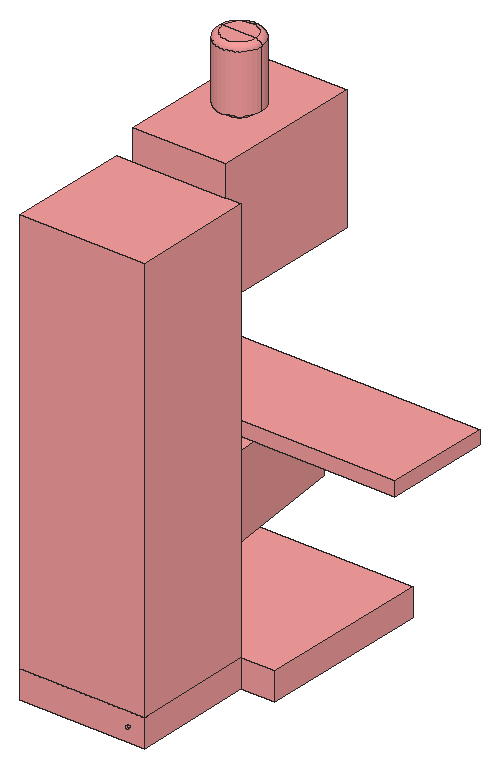
Revit family "Станок сверлильно-фрезерный", category Оборудование, Revit 2017
Family settings
  Размер круглого соединителя = Использовать диаметр
  Тип детали = Нормальный
  Номер OmniClass = 23.75.00.00
  Заголовок OmniClass = Climate Control (HVAC)
  На основе рабочей плоскости = Нет
  Всегда вертикально = Да
  При загрузке вырезать с полостями = Нет
  Общий = Нет
  Точка расчета площади = Нет
Parameters (values of type "СФ-32")
  Ширина = 1300 mm
  Число полюсов = 3
  Примечание ЭМ [instance] = ""
  Примечание КР [instance] = ""
  Примечание АР [instance] = ""
  Примечание = ""
  Обозначение = "СФ-32"
  Напряжение = 380 V
  Наименование = "Сверлильно-фрезерный станок"
  Мощность номинальная = 1500 W
  Масса = "1100"
  Код оборудования = ""
  Задание = "ЭМ"
  Завод = "ООО \"ПКФ \"ПРОМРЕСУРС\""
  Единицы = "шт."
  Глубина = 1060 mm
  Высота = 1930 mm
Reference planes
  plane 1 "По центру (Вперед/Назад)": y = 0
  plane 2: z = 0
  plane 3 "По центру (Влево/Вправо)": x = 0
  plane 4: y = 1060
  plane 5: x = 1300
  plane 6: z = 1930
  plane 7: z = 750
  plane 8: y = 984.546
  plane 9: y = 602.704
  plane 10: y = 437.863
  plane 11: x = 650
  plane 12: x = 303.439
  plane 13: x = 424.86
  plane 14: x = 537.43
  plane 15: x = 996.561
  plane 16: x = 875.14
  plane 17: x = 762.57
  plane 18: z = 100
  plane 19: z = 1570
  plane 20: x = 481.696
  plane 21: x = 818.304
  plane 22: z = 1680
  plane 23: y = 711.205
  plane 24: z = 50
Forms (mm)
  Extrusion 1, solid, material "Корпус АОУМ", detail levels fine
    sketch origin (-460, -1524, 750) x (-1, 0, 0) y (0, -1, 0)
      loop
        line (-460, -2508.546) -> (-460, -2126.704) -> (-1760, -2126.704) -> (-1760, -2508.546) -> (-460, -2508.546)
    from 0 to -50
  Extrusion 2, solid, material "Корпус АОУМ", detail levels fine
    sketch origin (-320, -1524, 100) x (-1, 0, 0) y (0, -1, 0)
      loop
        line (-623.439, -2584) -> (-623.439, -1961.863) -> (-744.86, -1961.863) -> (-744.86, -1524) -> (-1195.14, -1524) -> (-1195.14, -1961.863) -> (-1316.561, -1961.863) -> (-1316.561, -2584) -> (-623.439, -2584)
    from 0 to -100
  Extrusion 3, solid, material "Корпус АОУМ", detail levels fine
    sketch origin (0, 1433.035, 1930) x (0, 1, 0) y (-1, 0, 0)
      loop
        line (-995.171, -424.86) -> (-1433.035, -424.86) -> (-1433.035, -875.14) -> (-995.171, -875.14) -> (-995.171, -424.86)
    from -360 to -1830
  Blend 4, solid, material "Корпус АОУМ", detail levels fine
    base sketch origin (0, 984.546, 1200) x (-1, 0, 0) y (0, 0, 1)
      loop
        line (-537.43, -500) -> (-762.57, -500) -> (-736.423, -798.858) -> (-563.577, -798.858) -> (-537.43, -500)
    top sketch origin (0, 984.546, 1200) x (-1, 0, 0) y (0, 0, 1)
      loop
        line (-495, -500) -> (-805, -500) -> (-776.229, -828.858) -> (-523.771, -828.858) -> (-495, -500)
    from 0 to -546.683
  Extrusion 5, solid, material "Электродвигатель АОУМ", detail levels fine
    sketch origin (148.241, -1524, 1680) x (-1, 0, 0) y (0, -1, 0)
      loop
        line (-333.455, -2508.546) -> (-333.455, -1961.863) -> (-670.063, -1961.863) -> (-670.063, -2508.546) -> (-333.455, -2508.546)
    from 0 to -445.943
  Blend 6, solid, material "Пластик АОУМ", detail levels fine
    base sketch origin (148.241, -1524, 1680) x (-1, 0, 0) y (0, -1, 0)
      loop
        circle (-501.759, -2235.205) r 50
    top sketch origin (148.241, -1524, 1680) x (-1, 0, 0) y (0, -1, 0)
      loop
        circle (-501.759, -2235.205) r 80
    from 0 to 20
  Extrusion 7, solid, material "Пластик АОУМ", detail levels fine
    sketch origin (148.241, -1524, 1700) x (-1, 0, 0) y (0, -1, 0)
      loop
        circle (-501.759, -2235.205) r 80
    from 0 to 210
  Revolve 8, solid, material "Пластик АОУМ", detail levels fine
    sketch origin (144.753, 711.205, 1200) x (-1, 0, 0) y (0, 0, 1)
      loop
        line (-505.247, 730) -> (-505.247, 710) -> (-425.247, 710)
        arc (-425.247, 710) -> (-431.105, 724.142) -> (-445.247, 730) r 20
        line (-445.247, 730) -> (-505.247, 730)
      axis (-505.247, 730) -> (-505.247, 710)
    angle from 0 to 360
  Extrusion 9, solid, material "Пульт АОУМ", detail levels fine
    sketch origin (0, 0, 0) x (1, 0, 0) y (0, 0, 1)
      loop
        circle (818.304, 50) r 5
    from 0 to 5
Cuts and joins
  joined: Blend 6, Extrusion 7, Revolve 8
Lines and regions (mm)
  symbolic lines, detail levels coarse+medium
    curve 1: line (0, 984.546, 1910) -> (1300, 984.546, 1910)
    curve 2: line (0, 602.704, 1910) -> (0, 984.546, 1910)
    curve 3: line (1300, 602.704, 1910) -> (0, 602.704, 1910)
    curve 4: line (1300, 984.546, 1910) -> (1300, 602.704, 1910)
    curve 5: line (303.439, 1060, 1910) -> (996.561, 1060, 1910)
    curve 6: line (303.439, 984.546, 1910) -> (303.439, 1060, 1910)
    curve 7: line (996.561, 984.546, 1910) -> (303.439, 984.546, 1910)
    curve 8: line (996.561, 1060, 1910) -> (996.561, 984.546, 1910)
    curve 9: line (303.439, 602.704, 1910) -> (996.561, 602.704, 1910)
    curve 10: line (303.439, 437.863, 1910) -> (303.439, 602.704, 1910)
    curve 11: line (996.561, 437.863, 1910) -> (303.439, 437.863, 1910)
    curve 12: line (996.561, 602.704, 1910) -> (996.561, 437.863, 1910)
    curve 13: line (875.14, 0, 1910) -> (424.86, 0, 1910)
    curve 14: line (875.14, 437.863, 1910) -> (875.14, 0, 1910)
    curve 15: line (424.86, 437.863, 1910) -> (875.14, 437.863, 1910)
    curve 16: line (424.86, 0, 1910) -> (424.86, 437.863, 1910)
Dimensions and locks
  "Глубина": plane 1 "По центру (Вперед/Назад)" to plane 4
  "Ширина": plane 3 "По центру (Влево/Вправо)" to plane 5
  "Высота": plane 6 to level
  locked: plane 7 to level at 750
  equal spacing: plane 3 "По центру (Влево/Вправо)", plane 11, plane 5
  locked: plane 4 to plane 8 at 75.454
  locked: plane 4 to plane 9 at 457.296
  locked: plane 4 to plane 10 at 622.137
  equal spacing: plane 14, plane 11, plane 17
  equal spacing: plane 13, plane 11, plane 16
  equal spacing: plane 12, plane 11, plane 15
  locked: Extrusion 1 to Extrusion 1 at 50
  locked: plane 18 to level at 100
  equal spacing: Blend 4 sketch curve, plane 11, Blend 4 sketch curve  (x4)
  locked: Extrusion 1 to Blend 4 sketch curve at 328.858
  locked: Blend 4 sketch curve to Blend 4 sketch curve at 298.858
  equal spacing: plane 20, plane 11, plane 21
  locked: plane 6 to plane 19 at 360
  locked: plane 6 to plane 22 at 250
  locked: Extrusion 5 to Extrusion 5 at 445.943
  equal spacing: plane 8, plane 23, plane 10
  locked: Extrusion 7 to Extrusion 5 at 20
  locked: Extrusion 7 to Extrusion 7 at 210
  equal spacing: plane 18, plane 24, level
  locked: Extrusion 9 to Extrusion 3 at 5
  aligned and locked: level to plane 2
  aligned and locked: Extrusion 1 sketch curve to plane 8
  aligned and locked: plane 3 "По центру (Влево/Вправо)" to Extrusion 1 sketch curve
  aligned and locked: plane 9 to Extrusion 1 sketch curve
  aligned and locked: Extrusion 1 sketch curve to plane 5
  aligned and locked: plane 7 to Extrusion 1
  aligned and locked: Extrusion 2 sketch curve to plane 4
  aligned and locked: plane 12 to Extrusion 2 sketch curve
  aligned and locked: plane 10 to Extrusion 2 sketch curve
  aligned and locked: plane 15 to Extrusion 2 sketch curve
  aligned and locked: plane 13 to Extrusion 2 sketch curve
  aligned and locked: Extrusion 2 sketch curve to plane 1 "По центру (Вперед/Назад)"
  aligned and locked: plane 16 to Extrusion 2 sketch curve
  aligned and locked: Extrusion 2 to level
  aligned and locked: plane 18 to Extrusion 2
  aligned and locked: Extrusion 2 to Extrusion 3 sketch curve
  aligned and locked: Extrusion 3 sketch curve to Extrusion 2  (x3)
  aligned and locked: Extrusion 3 to plane 18
  aligned and locked: Extrusion 1 to Blend 4 sketch curve  (x2)
  aligned and locked: Blend 4 to plane 10
  aligned and locked: plane 19 to Extrusion 3
  aligned and locked: Extrusion 5 sketch curve to plane 8
  aligned and locked: plane 20 to Extrusion 5 sketch curve
  aligned and locked: plane 10 to Extrusion 5 sketch curve
  aligned and locked: plane 21 to Extrusion 5 sketch curve
  aligned and locked: plane 22 to Extrusion 5
  aligned and locked: Extrusion 7 to Revolve 8 sketch curve
  aligned and locked: Revolve 8 sketch curve to plane 11
  aligned and locked: plane 6 to Revolve 8 sketch curve
  aligned and locked: plane 11 to Revolve 8 sketch curve
  aligned and locked: Extrusion 9 to plane 1 "По центру (Вперед/Назад)"
  aligned and locked: curve 1 to Extrusion 1
  aligned and locked: curve 2 to Extrusion 1
  aligned and locked: curve 3 to Extrusion 1
  aligned and locked: curve 4 to Extrusion 1
  aligned and locked: curve 5 to Extrusion 2
  aligned and locked: curve 6 to Extrusion 2
  aligned and locked: curve 7 to curve 1
  aligned and locked: plane 15 to curve 8
  aligned and locked: curve 9 to curve 3
  aligned and locked: plane 12 to curve 10
  aligned and locked: curve 11 to Extrusion 2
  aligned and locked: curve 12 to Extrusion 2
  aligned and locked: curve 13 to Extrusion 2
  aligned and locked: curve 14 to Extrusion 2
  aligned and locked: curve 15 to curve 11
  aligned and locked: curve 16 to Extrusion 2
Automatic sketch dimensions
  Extrusion 2 sketch curve to plane 10 = 0 mm
  Blend 4 sketch curve to plane 17 = 42.43 mm
  Blend 4 sketch curve to plane 17 = 13.658 mm
  plane 17 to Blend 4 sketch curve = 0 mm
  plane 17 to Blend 4 sketch curve = 26.147 mm
  Blend 6 sketch curve to plane 11 = 0 mm  (x2)
  Blend 6 sketch curve to plane 23 = 0 mm  (x2)
  plane 14 to Revolve 8 sketch curve = 52.57 mm
  Revolve 8 sketch curve to Revolve 8 sketch curve = 23.346 mm
  plane 6 to Revolve 8 sketch curve = 6.654 mm
  plane 21 to Extrusion 9 sketch curve = 0 mm
  Extrusion 9 sketch curve to plane 24 = 0 mm
  radius of Blend 6 sketch curve = 50 mm
  radius of Blend 6 sketch curve = 80 mm
  radius of Extrusion 7 sketch curve to Blend 6 = 0 mm
  radius of Extrusion 9 sketch curve = 5 mm
Nested families
  nested 1: "Семейство5" at (818.304, 0, 0), type "Семейство5"
Connectors
  electrical at (818.304, -5, 50)
    settings: on Extrusion 9, index 1, voltage 380 V, apparent load 1500 VA, apparent load phase1 0 VA, apparent load phase2 0 VA, apparent load phase3 0 VA, power factor 1, load classification "Двигатель", number of poles 3, system type 30, power factor state 1, is connector primary yes, connector utility yes, sub classification motor no, connector description ""
  cabletrayconduit at (818.304, -5, 50), diameter 600
    settings: on Extrusion 9, index 2, connector width 300 mm, connector height 300 mm, connector angle 0.00°, system type 32, placement type 1, profile type 0, connector reference index -1, is primary connector yes, connector utility param no, connector description ""
Definition of nested family "Семейство5"
  Reference planes
    plane 1: y = 0
    plane 2: x = 0
  Lines and regions (mm)
    Filled region 1, type "Цветовая область 1"
      outline origin (0, 0, 0) x (1, 0, 0) y (0, 1, 0)
        loop
          circle (0, 0) r 1
